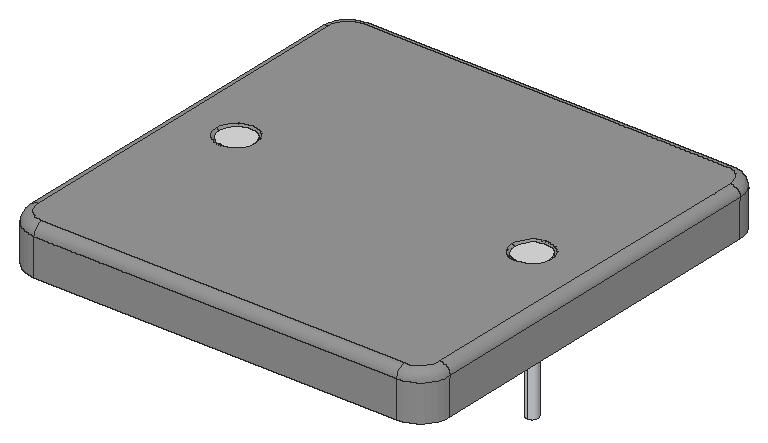
Revit family "ElectricalFixture_WiringAccessories_Hager_Sollyster_BlankPlate", category Electrical Fixtures, host Face, Revit 2015
Parameters (values of type "WMP1")
  Warranty ID = ""
  Voltage (Volts) = "230V/240V"
  Unique Reference = "WMP1"
  Type = "ElectricalFixture"
  Technical Description = "SingleBlankPlate"
  Switch = yes
  Supply Phase = "1"
  Size = ""
  Shipping Weight kg = "0.188"
  Shape = "Rectangular"
  Reference Standard = "BS 1363-2"
  Product URL = "http://www.hager.co.uk/product-catalogue/wiring-accessories/sollysta/white-moulded/white-moulded-sockets/58428.htm"
  Product Range = "Sollysta"
  Product Model Number = "WMP1"
  Product Literature = "http://www.hager.co.uk/product-catalogue/wiring-accessories/sollysta/38662.htm"
  Product Group = "WiringAccessories"
  Product Family = "WhiteMouldedBlankPlates"
  Packaging Recyclable = yes
  Overall Width = 0.0 mm
  Overall Length = 86.0 mm
  Overall Height = 86.0 mm
  Overall Depth = 26.07 mm
  Operation and Maintenance Manual = ""
  Name = "WhiteMoldedSocket_WMP1"
  Measurement Units = "mm"
  Material = Urea Formaldehyde Thermoset Plastic
  Manufacturer Website = "http://www.hager.co.uk/"
  Manufacturer Country = "United Kingdom"
  Manufacturer = "Hager"
  LED Indicator Switch = no
  Gross Weight kg = "0.165"
  Frequency = "50/60Hz"
  Finish = "Gloss"
  Features = "SingleBlankPlate"
  Extrusion From Wall = 11.921 mm
  Expected Life = "25 years"
  EAN Code = "5015652261018"
  Design Country = "China"
  Description = "SingleBlankPlate"
  Default Elevation = 1219.2 mm
  Colour = "SollystaWhite"
  CE Approval = yes
Types (2, lengths in mm): name | Unique Reference | Product Model Number | Product Family | Overall Length | Name | EAN Code | Description
  WMP1 | "WMP1" | "WMP1" | "WhiteMouldedBlankPlates" | 86.0 | "WhiteMoldedSocket_WMP1" | "5015652261018" | "SingleBlankPlate"
  WMP2 | "WMP2" | "WMP2" | "WhiteMouldedBlankPlates_BlankPlates" | 146.0 | "WhiteMoldedSocket_WMP2" | "5015652261025" | "TwinBlankPlate"
Reference planes
  plane 1 "Center (Front/Back)": y = 0
  plane 2: z = 0
  plane 3 "Center (Left/Right)": x = 0
  plane 4: y = -43
  plane 5: y = 43
  plane 6: x = -137
  plane 7: x = -51
  plane 8: z = 9.47
  plane 9: z = -16.6
  plane 10: z = 11.921
  plane 11: y = -471.393
  plane 12: z = -20.53
  plane 13: x = -124.15
  plane 14: x = -63.85
Forms (mm)
  Extrusion 1, solid, material "Urea Formaldehyde Thermoset Plastic", detail levels fine
    sketch origin (0, 0, 0) x (1, 0, 0) y (0, 1, 0)
      loop
        arc (-137, -37.005) -> (-135.244, -41.244) -> (-131.005, -43) r 5.995
        line (-131.005, -43) -> (-57.017, -43)
        arc (-57.017, -43) -> (-52.762, -41.238) -> (-51, -36.983) r 6.017
        line (-51, -36.983) -> (-51, 37.035)
        arc (-51, 37.035) -> (-52.747, 41.253) -> (-56.965, 43) r 5.965
        line (-56.965, 43) -> (-131.018, 43)
        arc (-131.018, 43) -> (-135.248, 41.248) -> (-137, 37.018) r 5.982
        line (-137, 37.018) -> (-137, -37.005)
      loop
        circle (-124.15, 0) r 3.228
      loop
        circle (-63.85, 0) r 3.228
    from 0 to 9.47
  Sweep 2, void
    path origin (0, 0, 0) x (1, 0, 0) y (0, 1, 0)
      loop
        line (-137, 37.018) -> (-137, -37.005)
        arc (-137, -37.005) -> (-135.244, -41.244) -> (-131.005, -43) r 5.995
        line (-131.005, -43) -> (-57.017, -43)
        arc (-57.017, -43) -> (-52.762, -41.238) -> (-51, -36.983) r 6.017
        line (-51, -36.983) -> (-51, 37.035)
        arc (-51, 37.035) -> (-52.747, 41.253) -> (-56.965, 43) r 5.965
        line (-56.965, 43) -> (-131.018, 43)
        arc (-131.018, 43) -> (-135.248, 41.248) -> (-137, 37.018) r 5.982
    profile origin (-137, 0.007, 0) x (1, 0, 0) y (0, 0, 1)
      loop
        line (0, 9.47) -> (0, 7.462)
        arc (0, 7.462) -> (0.588, 8.882) -> (2.008, 9.47) r 2.008
        line (2.008, 9.47) -> (0, 9.47)
  Sweep 3, void
    path origin (0, 0, 0) x (1, 0, 0) y (0, 1, 0)
      loop
        circle (-63.85, 0) r 3.228
    profile origin (-63.85, 3.228, 0) x (0, -1, 0) y (0, 0, 1)
      loop
        line (0, 9.47) -> (-0.814, 9.47)
        arc (-0.814, 9.47) -> (-0.347, 9.123) -> (0, 8.656) r 2
        line (0, 8.656) -> (0, 9.47)
  Sweep 4, void
    path origin (0, 0, 0) x (1, 0, 0) y (0, 1, 0)
      loop
        circle (-124.15, 0) r 3.228
    profile origin (-124.15, 3.228, 0) x (0, 1, 0) y (0, 0, 1)
      loop
        line (0, 9.47) -> (0, 8.656)
        arc (0, 8.656) -> (0.346, 9.124) -> (0.814, 9.47) r 1.964
        line (0.814, 9.47) -> (0, 9.47)
  Extrusion 5, solid, material "Steel, Chrome Plated", detail levels fine
    sketch origin (0, 0, 0) x (1, 0, 0) y (0, 1, 0)
      loop
        circle (-124.15, 0) r 3.542
    from -1.167 to 9.196
  Extrusion 6, solid, material "Steel, Chrome Plated", detail levels fine
    sketch origin (0, 0, 0) x (-1, 0, 0) y (0, -1, 0)
      loop
        circle (63.85, 0) r 3.542
    from -1.167 to 9.196
  Extrusion 7, solid, material "Urea Formaldehyde Thermoset Plastic", detail levels medium
    sketch origin (0, 0, 0) x (1, 0, 0) y (0, 1, 0)
      loop
        line (-137, 43) -> (-137, -43) -> (-51, -43) -> (-51, 43) -> (-137, 43)
    from 0 to 9.47
  Extrusion 8, solid
    sketch origin (-184.307, 0, -1.167) x (0, 1, 0) y (-1, 0, 0)
      loop
        circle (0, -60.15) r 1.2
    from 0 to 19.363
  Extrusion 9, solid
    sketch origin (0, 0, -1.167) x (0, -1, 0) y (1, 0, 0)
      loop
        circle (0, -63.85) r 1.2
    from 0 to 19.363
  Extrusion 10, solid, material "Urea Formaldehyde Thermoset Plastic", detail levels medium
    sketch origin (0, 0, 0) x (1, 0, 0) y (0, 1, 0)
      loop
        line (-137, -43) -> (-51, -43) -> (-51, 43) -> (-137, 43) -> (-137, -43)
    from 0 to 9.47
Cuts and joins
  Sweep 2, Sweep 3, Sweep 4 cuts Extrusion 1
Lines and regions (mm)
  model lines, detail levels coarse
    curve 1: line (-137, 43, 0) -> (-51, 43, 0)
    curve 2: line (-137, -43, 0) -> (-137, 43, 0)
    curve 3: line (-51, -43, 0) -> (-137, -43, 0)
    curve 4: line (-51, 43, 0) -> (-51, -43, 0)
    curve 5: arc (-120.108, 0, 0) -> (-124.15, -4.042, 0) -> (-128.192, 0, 0) r 4.042
    curve 6: arc (-128.192, 0, 0) -> (-124.15, 4.042, 0) -> (-120.108, 0, 0) r 4.042
    curve 7: arc (-59.808, 0, 0) -> (-63.85, -4.042, 0) -> (-67.892, 0, 0) r 4.042
    curve 8: arc (-67.892, 0, 0) -> (-63.85, 4.042, 0) -> (-59.808, 0, 0) r 4.042
Dimensions and locks
  plane 10 to plane 9 = 28.521 mm
  plane 8 to plane 9 = 26.07 mm
  plane 2 to plane 9 = 16.6 mm
  "Overall Length": plane 6 to plane 7
  "Overall Height": plane 4 to plane 5
  "Overall Depth": plane 9 to plane 8
  plane 2 to plane 10 = 11.921 mm
  plane 8 to plane 12 = 30.0 mm
  locked: plane 14 to plane 7 at 12.85
  locked: plane 6 to plane 13 at 12.85
  aligned and locked: plane 2 to host face
  aligned and locked: level to host face
  aligned and locked: Extrusion 1 to plane 8
  aligned and locked: Extrusion 7 to plane 8
  aligned and locked: Extrusion 6 to Extrusion 8
  aligned and locked: Extrusion 9 to Extrusion 5
  aligned and locked: plane 12 to Extrusion 9
  aligned and locked: Extrusion 10 to plane 8
  aligned and locked: Extrusion 10 to level
  aligned and locked: plane 14 to Extrusion 9 sketch curve
Automatic sketch dimensions
  host sketch curve to host sketch curve = 2438.4 mm  (x2)
  Sweep 2 sketch curve to plane 6 = 0.0 mm
  plane 5 to Sweep 2 sketch curve = 0.0 mm
  plane 4 to Sweep 2 sketch curve = 0.0 mm
  Sweep 2 sketch curve to Sweep 2 sketch curve = 5.982 mm
  plane 6 to Sweep 2 sketch curve = 5.995 mm
  Sweep 2 sketch curve to plane 7 = 6.017 mm
  Sweep 2 sketch curve to plane 7 = 5.965 mm
  plane 7 to Sweep 2 sketch curve = 0.0 mm
  profile plane to Sweep 2 sketch curve = 0.0 mm
  Sweep 2 sketch curve to Sweep 2 sketch curve = 2.008 mm
  level to Sweep 2 sketch curve = 7.462 mm
  plane 1 "Center (Front/Back)" to Sweep 3 sketch curve = 0.0 mm
  Sweep 3 sketch curve to plane 14 = 0.0 mm
  Sweep 3 sketch curve to profile plane = 0.0 mm
  Sweep 3 sketch curve to Sweep 3 sketch curve = 0.814 mm
  profile plane to Sweep 3 sketch curve = 1.761 mm
  level to Sweep 3 sketch curve = 7.709 mm
  Sweep 3 sketch curve to Sweep 3 sketch curve = 0.947 mm
  Sweep 4 sketch curve to Sweep 4 sketch curve = 0.0 mm  (x2)
  plane 1 "Center (Front/Back)" to Sweep 4 sketch curve = 0.0 mm
  Sweep 4 sketch curve to plane 13 = 0.0 mm
  Sweep 4 sketch curve to plane 13 = 3.228 mm
  Sweep 4 sketch curve to profile plane = 0.0 mm
  Sweep 4 sketch curve to profile plane = 0.814 mm
  Sweep 4 sketch curve to profile plane = 1.735 mm
  level to Sweep 4 sketch curve = 7.735 mm
  Sweep 4 sketch curve to Sweep 4 sketch curve = 0.921 mm
  Extrusion 5 sketch curve to Extrusion 5 sketch curve = 0.0 mm  (x2)
  plane 1 "Center (Front/Back)" to Extrusion 5 sketch curve = 0.0 mm
  Extrusion 5 sketch curve to plane 13 = 0.0 mm
  Extrusion 5 sketch curve to plane 13 = 3.542 mm
  Extrusion 6 sketch curve to Extrusion 6 sketch curve = 0.0 mm  (x2)
  plane 1 "Center (Front/Back)" to Extrusion 6 sketch curve = 0.0 mm
  plane 14 to Extrusion 6 sketch curve = 0.0 mm
  Extrusion 6 sketch curve to plane 14 = 3.542 mm
  plane 4 to Extrusion 7 sketch curve = 0.0 mm
  Extrusion 7 sketch curve to plane 6 = 0.0 mm
  Extrusion 7 sketch curve to plane 7 = 0.0 mm
  plane 5 to Extrusion 7 sketch curve = 0.0 mm
  plane 5 to Extrusion 10 sketch curve = 0.0 mm
  Extrusion 10 sketch curve to plane 6 = 0.0 mm
  Extrusion 10 sketch curve to plane 7 = 0.0 mm
  plane 4 to Extrusion 10 sketch curve = 0.0 mm
  plane 4 to curve 3 = 0.0 mm
  curve 3 to plane 6 = 0.0 mm
  plane 1 "Center (Front/Back)" to curve 5 = 0.0 mm
  curve 6 to plane 13 = 0.0 mm
  plane 1 "Center (Front/Back)" to curve 8 = 0.0 mm
  curve 8 to plane 14 = 0.0 mm
  plane 5 to curve 4 = 0.0 mm
  curve 4 to plane 7 = 0.0 mm
  curve 5 to plane 13 = 4.042 mm
  curve 8 to curve 7 = 4.042 mm
  Extrusion 1 sketch curve to plane 6 = 0.0 mm
  plane 5 to Extrusion 1 sketch curve = 0.0 mm
  plane 4 to Extrusion 1 sketch curve = 0.0 mm
  plane 1 "Center (Front/Back)" to Extrusion 1 sketch curve = 0.0 mm  (x2)
  Extrusion 1 sketch curve to plane 13 = 0.0 mm
  Extrusion 1 sketch curve to plane 14 = 0.0 mm
  plane 6 to Extrusion 1 sketch curve = 5.982 mm
  Extrusion 1 sketch curve to plane 4 = 5.995 mm
  Extrusion 1 sketch curve to plane 7 = 6.017 mm
  Extrusion 1 sketch curve to plane 7 = 5.965 mm
  plane 7 to Extrusion 1 sketch curve = 0.0 mm
  radius of Sweep 3 sketch curve = 3.228 mm
  radius of Extrusion 8 sketch curve = 1.2 mm
  radius of Extrusion 9 sketch curve = 1.2 mm
  radius of Extrusion 1 sketch curve = 3.228 mm  (x2)
